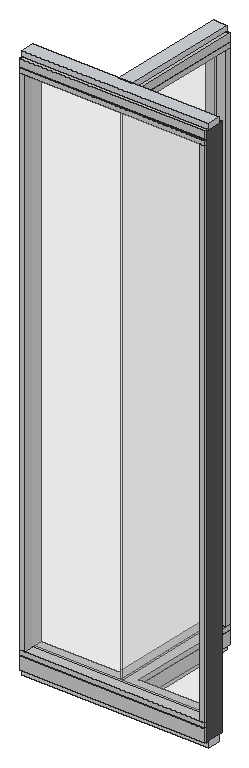
Revit family "Haworth_Enclose_Wall_Glass3way", category Furniture Systems, Revit 2018
Family settings
  Round Connector Dimension = Use Diameter
  Part Type = Normal
  OmniClass Number = 23.25.40.14
  OmniClass Title = Demountable Partitions
  Work Plane-Based = No
  Always vertical = Yes
  Cut with Voids When Loaded = No
  Shared = Yes
  Room Calculation Point = No
Parameters (values of type "36" x 108"")
  Width 2 = 24"
  Warranty = "http://www.haworth.com/resources/product-info/warranties"
  URL - Product = "http://www.haworth.com/products/architectural-interiors/moveable-walls/enclose"
  Type Comments = ""
  Sustainability Info = "http://www.haworth.com/company-info/sustainablility"
  Panel Width 2 = Actual Width 2 - Vertical Frame Width - End of Run Width - 0.2"  # 22.77"
  Model = "Haworth - Enclose"  # constant formula
  Min. Width 2 = 12"  # constant formula
  Material Options = "http://surfaces.haworth.com/haworth-surface-collection"
  Width = 36"
  Vertical Frame Width = 0.875"  # constant formula
  URL = "www.haworth.com"
  Size = "Verify Final Dim. w/ Haworth"  # constant formula
  Revision Number = "3"  # constant formula
  Panel Width 1 = Actual Width - (2 * Vertical Frame Width) - (2 * End of Run Width)  # 33.94"
  Panel Height = Actual Height - Horizontal Bottom Adjuster Width - (2 * Horizontal Frame Width) - Horizontal Top Adjuster Width  # 99.755"
  Panel Depth = 0.4"  # constant formula
  Min/Max Width = "8-60 in."  # constant formula
  Min/Max Height = "84-144 in."  # constant formula
  Horizontal Top Trim Width = 1.43"  # constant formula
  Horizontal Top Adjuster Width = Cap Height + Horizontal Top Trim Width + 0.195"  # 2.625"
  Horizontal Bottom Adjuster Width = Base Height + Horizontal Bottom Trim Width + 0.195"  # 3.87"
  Glass Offset = Horizontal Bottom Adjuster Width + Horizontal Frame Width  # 4.745"
  Min. Width = 8"  # constant formula
  Max. Width = 60"  # constant formula
  Min. Height = 84"  # constant formula
  Max. Height = 144"  # constant formula
  Manufacturer = "Haworth"  # constant formula
  Horizontal Frame Width = 0.875"  # constant formula
  Horizontal Bottom Trim Width = 2.425"  # constant formula
  Height = 108"
  Glass Finish = Haworth _ Glass _ Clear
  Frame Finish = Haworth _ Metal _ Brushed Aluminum
  End of Run Width = 0.155"  # constant formula
  Frame Depth = 4"  # constant formula
  End of Run Panel 2 Width [instance] = if(End of Run Panel 2, 1.845", 0.155")  # 0.155"
  End of Run Right Width [instance] = if(End of Run Right, 1.845", End of Run Width)  # 0.155"
  End of Run Panel 2 [instance] = no
  End of Run Right [instance] = no
  End of Run Left Width [instance] = if(End of Run Left, 1.845", End of Run Width)  # 0.155"
  End of Run Left [instance] = no
  End of Run Finish = Haworth _ Polymer _ Black
  Description = "Wall Glass 3-way"  # constant formula
  Ceiling Mount = yes
  Cap Height = 1"  # constant formula
  Base Height = 1.25"  # constant formula
  Author = "SHAPE Environments, LLC"  # constant formula
  Assembly Code = "C1010200"
  Actual Width 2 = if(Width 2 < Min. Width 2, Min. Width 2, if(Width 2 > Max. Width, Max. Width, Width 2))  # 24"
  Actual Width = if(Width < Min. Width, Min. Width, if(Width > Max. Width, Max. Width, Width))  # 36"
  Actual Height = if(Height < Min. Height, Min. Height, if(Height > Max. Height, Max. Height, Height))  # 108"
Types (7): name | Width | Panel Width 1 | Actual Width
  36" x 108" | 36" | 33.94" | 36"
  24" x 108" | 24" | 21.94" | 24"
  30" x 108" | 30" | 27.94" | 30"
  42" x 108" | 42" | 39.94" | 42"
  48" x 108" | 48" | 45.94" | 48"
  54" x 108" | 54" | 51.94" | 54"
  60" x 108" | 60" | 57.94" | 60"
Reference planes (in)
  plane 1 "Center F/B": y = -0.17786
  plane 2: z = 0
  plane 3 "Center L/R": x = -2.36364
  plane 4 "Left": x = -20.36364
  plane 5 "Right": x = 15.63636
  plane 6 "Top": z = 108
  plane 7 "Back": y = 1.82214
  plane 8 "Front": y = -2.17786
  plane 9 "Left Frame Outside": x = -20.20864
  plane 10 "Left Frame Inside": x = -19.33364
  plane 11 "Right Frame Outside": x = 15.48136
  plane 12 "Right Frame Inside": x = 14.60636
  plane 13 "End of Run Right": x = 15.63636
  plane 14 "End of Run Left": x = -20.36364
  plane 15 "Top Frame Outside": z = 105.375
  plane 16 "Top Trim Outside": z = 107
  plane 17 "Top Frame Inside": z = 104.5
  plane 18 "Bottom Frame Outside": z = 3.87
  plane 19 "Bottom Adjuster": z = 1.25
  plane 20 "Bottom Frame Inside": z = 4.745
  plane 21 "3 Way Frame Inside": y = 22.79214
  plane 22 "3 Way Frame Outside": y = 23.66714
  plane 23 "End of Run Panel 2": y = 23.82214
  plane 24: y = 23.82214
  plane 25 "3 Way Back": x = -4.36364
  plane 26 "3 Way Front": x = -0.36364
Forms (in)
  Sweep 1, solid, material "Haworth _ Polymer _ Black" <- "End of Run Finish"
    path origin (0, -0.17786, 0) x (1, 0, 0) y (0, 0, 1)
      loop
        line (-20.20864, 107) -> (-20.20864, 1.25)
    profile "Haworth_Enclose - Postcap : Left" origin (-20.20864, -0.17786, 54.125) x (1, 0, 0) y (0, -1, 0)
      loop
        line (0, 1.805) -> (-0.155, 1.805) -> (-0.155, -1.805) -> (0, -1.805) -> (0, 1.805)
  Sweep 2, solid, material "Haworth _ Polymer _ Black" <- "End of Run Finish"
    path origin (0, -0.17786, 0) x (1, 0, 0) y (0, 0, 1)
      loop
        line (15.48136, 107) -> (15.48136, 1.25)
    profile "Haworth_Enclose - Postcap : Right" origin (15.48136, -0.17786, 54.125) x (1, 0, 0) y (0, -1, 0)
      loop
        line (0, 1.805) -> (0, -1.805) -> (0.155, -1.805) -> (0.155, 1.805) -> (0, 1.805)
  Sweep 3, solid, material "Haworth _ Metal _ Brushed Aluminum" <- "Frame Finish"
    path origin (0, -0.17786, 0) x (1, 0, 0) y (0, 0, 1)
      loop
        line (-20.20864, 104.5) -> (-20.20864, 4.745)
    profile "Haworth_Enclose - Vertical_Frame : Vertical" origin (-20.20864, -0.17786, 54.6225) x (1, 0, 0) y (0, -1, 0)
      loop
        line (0, 2) -> (0, -2) -> (0.875, -2) -> (0.875, 2) -> (0, 2)
  Sweep 4, solid, material "Haworth _ Metal _ Brushed Aluminum" <- "Frame Finish"
    path origin (0, -0.17786, 0) x (1, 0, 0) y (0, 0, 1)
      loop
        line (15.48136, 104.5) -> (15.48136, 4.745)
    profile "Haworth_Enclose - Vertical_Frame : Vertical" origin (15.48136, -0.17786, 54.6225) x (1, 0, 0) y (0, -1, 0)
      loop
        line (0, 2) -> (-0.875, 2) -> (-0.875, -2) -> (0, -2) -> (0, 2)
  Sweep 5, solid, material "Haworth _ Metal _ Brushed Aluminum" <- "Frame Finish"
    path origin (0, -0.17786, 0) x (1, 0, 0) y (0, 0, 1)
      loop
        line (15.48136, 104.5) -> (-20.20864, 104.5)
    profile "Haworth_Enclose - Horizontal_Frame : Horizontal" origin (-2.36364, -0.17786, 104.5) x (0, 0, -1) y (0, -1, 0)
      loop
        line (0, 2) -> (-0.875, 2) -> (-0.875, -2) -> (0, -2) -> (0, 2)
  Sweep 6, solid, material "Haworth _ Metal _ Brushed Aluminum" <- "Frame Finish"
    path origin (0, -0.17786, 0) x (1, 0, 0) y (0, 0, 1)
      loop
        line (-20.20864, 107) -> (15.48136, 107)
    profile "Haworth_Enclose - Horizontal_Trim : Top" origin (-2.36364, -0.17786, 107) x (0, 0, 1) y (0, -1, 0)
      loop
        line (0, 2) -> (-1.43, 2) -> (-1.43, 1.805) -> (-1.625, 1.805) -> (-1.625, -1.805) -> (-1.43, -1.805) -> (-1.43, -2) -> (0, -2) -> (0, 2)
  Sweep 7, solid, visible <- "Ceiling Mount"
    path origin (0, -0.17786, 0) x (1, 0, 0) y (0, 0, 1)
      loop
        line (-20.36364, 108) -> (15.63636, 108)
    profile "Haworth_Enclose - Horizontal_Track : Ceiling" origin (-2.36364, -0.17786, 108) x (0, 0, 1) y (0, -1, 0)
      loop
        line (0, 1.28) -> (-1, 1.28) -> (-1, -1.28) -> (0, -1.28) -> (0, 1.28)
  Sweep 8, solid
    path origin (0, -0.17786, 0) x (1, 0, 0) y (0, 0, 1)
      loop
        line (15.63636, 0) -> (-20.36364, 0)
    profile "Haworth_Enclose - Horizontal_Track : Base" origin (-2.36364, -0.17786, 0) x (0, 0, -1) y (0, -1, 0)
      loop
        line (0, 1.28) -> (-1.25, 1.28) -> (-1.25, -1.28) -> (0, -1.28) -> (0, 1.28)
  Sweep 9, solid, material "Haworth _ Metal _ Brushed Aluminum" <- "Frame Finish"
    path origin (0, -0.17786, 0) x (1, 0, 0) y (0, 0, 1)
      loop
        line (-20.20864, 4.745) -> (15.48136, 4.745)
    profile "Haworth_Enclose - Horizontal_Frame : Horizontal" origin (-2.36364, -0.17786, 4.745) x (0, 0, 1) y (0, -1, 0)
      loop
        line (0, 2) -> (-0.875, 2) -> (-0.875, -2) -> (0, -2) -> (0, 2)
  Sweep 10, solid, material "Haworth _ Metal _ Brushed Aluminum" <- "Frame Finish"
    path origin (0, -0.17786, 0) x (1, 0, 0) y (0, 0, 1)
      loop
        line (15.48136, 1.25) -> (-20.20864, 1.25)
    profile "Haworth_Enclose - Horizontal_Trim : Bottom" origin (-2.36364, -0.17786, 1.25) x (0, 0, -1) y (0, -1, 0)
      loop
        line (0, 2) -> (-2.425, 2) -> (-2.425, 1.805) -> (-2.62, 1.805) -> (-2.62, -1.805) -> (-2.425, -1.805) -> (-2.425, -2) -> (0, -2) -> (0, 2)
  Sweep 11, solid, visible <- "Ceiling Mount"
    path origin (-2.36364, 0, 0) x (0, 1, 0) y (0, 0, 1)
      loop
        line (1.10214, 108) -> (23.82214, 108)
    profile "Haworth_Enclose - Horizontal_Track : Ceiling" origin (-2.36364, 12.46214, 108) x (0, 0, 1) y (1, 0, 0)
      loop
        line (0, 1.28) -> (-1, 1.28) -> (-1, -1.28) -> (0, -1.28) -> (0, 1.28)
  Sweep 12, solid, material "Haworth _ Metal _ Brushed Aluminum" <- "Frame Finish"
    path origin (-2.36364, 0, 0) x (0, 1, 0) y (0, 0, 1)
      loop
        line (23.66714, 104.5) -> (1.82214, 104.5)
    profile "Haworth_Enclose - Horizontal_Frame : Horizontal" origin (-2.36364, 12.74464, 104.5) x (0, 0, -1) y (1, 0, 0)
      loop
        line (0, 2) -> (-0.875, 2) -> (-0.875, -2) -> (0, -2) -> (0, 2)
  Sweep 13, solid, material "Haworth _ Metal _ Brushed Aluminum" <- "Frame Finish"
    path origin (-2.36364, 0, 0) x (0, 1, 0) y (0, 0, 1)
      loop
        line (1.82214, 107) -> (23.66714, 107)
    profile "Haworth_Enclose - Horizontal_Trim : Top" origin (-2.36364, 12.74464, 107) x (0, 0, 1) y (1, 0, 0)
      loop
        line (0, 2) -> (-1.43, 2) -> (-1.43, 1.805) -> (-1.625, 1.805) -> (-1.625, -1.805) -> (-1.43, -1.805) -> (-1.43, -2) -> (0, -2) -> (0, 2)
  Sweep 14, solid, material "Haworth _ Polymer _ Black" <- "End of Run Finish"
    path origin (-2.36364, 0, 0) x (0, 1, 0) y (0, 0, 1)
      loop
        line (23.66714, 1.25) -> (23.66714, 107)
    profile "Haworth_Enclose - Postcap : Panel 2" origin (-2.36364, 23.66714, 54.125) x (0, -1, 0) y (1, 0, 0)
      loop
        line (0, 1.805) -> (-0.155, 1.805) -> (-0.155, -1.805) -> (0, -1.805) -> (0, 1.805)
  Sweep 15, solid, material "Haworth _ Metal _ Brushed Aluminum" <- "Frame Finish"
    path origin (-2.36364, 0, 0) x (0, 1, 0) y (0, 0, 1)
      loop
        line (22.79214, 104.5) -> (22.79214, 4.745)
    profile "Haworth_Enclose - Vertical_Frame : Vertical" origin (-2.36364, 22.79214, 54.6225) x (0, 1, 0) y (1, 0, 0)
      loop
        line (0, 2) -> (0, -2) -> (0.875, -2) -> (0.875, 2) -> (0, 2)
  Sweep 16, solid
    path origin (-2.36364, 0, 135.43338) x (0, 1, 0) y (0, 0, -1)
      loop
        line (1.10214, 135.43338) -> (23.82214, 135.43338)
    profile "Haworth_Enclose - Horizontal_Track : Base" origin (-2.36364, 12.46214, 0) x (0, 0, 1) y (1, 0, 0)
      loop
        line (0, 1.28) -> (0, -1.28) -> (1.25, -1.28) -> (1.25, 1.28) -> (0, 1.28)
  Sweep 17, solid, material "Haworth _ Metal _ Brushed Aluminum" <- "Frame Finish"
    path origin (-2.36364, 0, 135.43338) x (0, 1, 0) y (0, 0, -1)
      loop
        line (23.66714, 130.68838) -> (1.82214, 130.68838)
    profile "Haworth_Enclose - Horizontal_Frame : Horizontal" origin (-2.36364, 12.74464, 4.745) x (0, 0, -1) y (1, 0, 0)
      loop
        line (0, 2) -> (0, -2) -> (0.875, -2) -> (0.875, 2) -> (0, 2)
  Sweep 18, solid, material "Haworth _ Metal _ Brushed Aluminum" <- "Frame Finish"
    path origin (-2.36364, 0, 135.43338) x (0, 1, 0) y (0, 0, -1)
      loop
        line (1.82214, 134.18338) -> (23.66714, 134.18338)
    profile "Haworth_Enclose - Horizontal_Trim : Bottom" origin (-2.36364, 12.74464, 1.25) x (0, 0, 1) y (1, 0, 0)
      loop
        line (0, 2) -> (0, -2) -> (2.425, -2) -> (2.425, -1.805) -> (2.62, -1.805) -> (2.62, 1.805) -> (2.425, 1.805) -> (2.425, 2) -> (0, 2)
Cuts and joins
  joined: Sweep 9, Sweep 17
  joined: Sweep 10, Sweep 18
  joined: Sweep 6, Sweep 13
  joined: Sweep 5, Sweep 12
Lines and regions (in)
  Masking region 1
    outline origin (0, 0, 0) x (1, 0, 0) y (0, 1, 0)
      loop
        line (-20.36364, 1.82214) -> (-20.36364, -2.17786) -> (15.63636, -2.17786) -> (15.63636, 1.82214) -> (-0.36364, 1.82214) -> (-0.36364, 23.82214) -> (-4.36364, 23.82214) -> (-4.36364, 1.82214) -> (-20.36364, 1.82214)
  symbolic lines, style "Haworth", detail levels medium+fine
    curve 1: line (14.60636, 1.82214, 0) -> (14.60636, -2.17786, 0)
    curve 2: line (14.60636, -0.37786, 0) -> (-19.33364, -0.37786, 0)
    curve 3: line (14.60636, 0.02214, 0) -> (-2.16364, 0.02214, 0)
    curve 4: line (-19.33364, -2.17786, 0) -> (-19.33364, 1.82214, 0)
    curve 5: line (-4.36364, 22.79214, 0) -> (-0.36364, 22.79214, 0)
    curve 6: line (-2.56364, 22.79214, 0) -> (-2.56364, 0.02214, 0)
    curve 7: line (-2.16364, 0.02214, 0) -> (-2.16364, 22.79214, 0)
    curve 8: line (-2.56364, 0.02214, 0) -> (-19.33364, 0.02214, 0)
    curve 9: line (-4.36364, 1.82214, 0) -> (-2.56364, 0.02214, 0)
    curve 10: line (-2.16364, 0.02214, 0) -> (-0.36364, 1.82214, 0)
Dimensions and locks (in)
  equal spacing: plane 4 "Left", plane 3 "Center L/R", plane 5 "Right"
  "Actual Width": plane 4 "Left" to plane 5 "Right"
  "End of Run Width": plane 4 "Left" to plane 9 "Left Frame Outside"
  "Vertical Frame Width": plane 9 "Left Frame Outside" to plane 10 "Left Frame Inside"
  "End of Run Width": plane 11 "Right Frame Outside" to plane 5 "Right"
  "End of Run Right Width": plane 11 "Right Frame Outside" to plane 13 "End of Run Right"
  "End of Run Left Width": plane 14 "End of Run Left" to plane 9 "Left Frame Outside"
  "Vertical Frame Width": plane 12 "Right Frame Inside" to plane 11 "Right Frame Outside"
  equal spacing: plane 7 "Back", plane 1 "Center F/B", plane 8 "Front"
  "Frame Depth": plane 7 "Back" to plane 8 "Front"
  "Actual Height": plane 6 "Top" to level
  "Cap Height": plane 6 "Top" to plane 16 "Top Trim Outside"
  "Horizontal Frame Width": plane 15 "Top Frame Outside" to plane 17 "Top Frame Inside"
  "Base Height": plane 19 "Bottom Adjuster" to level
  "Horizontal Frame Width": plane 20 "Bottom Frame Inside" to plane 18 "Bottom Frame Outside"
  "Horizontal Bottom Adjuster Width": plane 18 "Bottom Frame Outside" to plane 2
  "Horizontal Top Adjuster Width": plane 6 "Top" to plane 15 "Top Frame Outside"
  "Vertical Frame Width": plane 22 "3 Way Frame Outside" to plane 21 "3 Way Frame Inside"
  "End of Run Width": plane 24 to plane 22 "3 Way Frame Outside"
  "End of Run Panel 2 Width": plane 23 "End of Run Panel 2" to plane 22 "3 Way Frame Outside"
  equal spacing: plane 25 "3 Way Back", plane 3 "Center L/R", plane 26 "3 Way Front"
  "Frame Depth": plane 25 "3 Way Back" to plane 26 "3 Way Front"
  "Actual Width 2": plane 1 "Center F/B" to plane 24
  aligned and locked: Sweep 1 sketch curve to plane 9 "Left Frame Outside"
  aligned and locked: Sweep 2 sketch curve to plane 11 "Right Frame Outside"
  aligned and locked: Sweep 3 sketch curve to plane 9 "Left Frame Outside"
  aligned and locked: plane 20 "Bottom Frame Inside" to Sweep 3 sketch curve
  aligned and locked: plane 17 "Top Frame Inside" to Sweep 3 sketch curve
  aligned and locked: Sweep 4 sketch curve to plane 11 "Right Frame Outside"
  aligned and locked: plane 20 "Bottom Frame Inside" to Sweep 4 sketch curve
  aligned and locked: plane 17 "Top Frame Inside" to Sweep 4 sketch curve
  aligned and locked: plane 3 "Center L/R" to nested 1
  aligned and locked: plane 1 "Center F/B" to nested 1
  aligned and locked: nested 1 to plane 20 "Bottom Frame Inside"
  aligned and locked: curve 1 to Sweep 4
  aligned and locked: nested 1 to curve 2
  aligned and locked: nested 1 to curve 3
  aligned and locked: curve 4 to Sweep 3
  aligned and locked: plane 17 "Top Frame Inside" to Sweep 5 sketch curve
  aligned and locked: plane 9 "Left Frame Outside" to Sweep 5 sketch curve
  aligned and locked: plane 11 "Right Frame Outside" to Sweep 5 sketch curve
  aligned and locked: Sweep 6 sketch curve to plane 16 "Top Trim Outside"
  aligned and locked: plane 11 "Right Frame Outside" to Sweep 6 sketch curve
  aligned and locked: plane 9 "Left Frame Outside" to Sweep 6 sketch curve
  aligned and locked: plane 13 "End of Run Right" to Sweep 7 sketch curve
  aligned and locked: plane 14 "End of Run Left" to Sweep 7 sketch curve
  aligned and locked: plane 14 "End of Run Left" to Sweep 8 sketch curve
  aligned and locked: plane 13 "End of Run Right" to Sweep 8 sketch curve
  aligned and locked: Sweep 9 sketch curve to plane 20 "Bottom Frame Inside"
  aligned and locked: plane 11 "Right Frame Outside" to Sweep 9 sketch curve
  aligned and locked: plane 9 "Left Frame Outside" to Sweep 9 sketch curve
  aligned and locked: plane 19 "Bottom Adjuster" to Sweep 10 sketch curve
  aligned and locked: plane 9 "Left Frame Outside" to Sweep 10 sketch curve
  aligned and locked: plane 11 "Right Frame Outside" to Sweep 10 sketch curve
  aligned and locked: plane 2 to Sweep 8 sketch curve
  aligned and locked: Sweep 7 sketch curve to plane 6 "Top"
  aligned and locked: Masking region 1 sketch curve to plane 7 "Back"
  aligned and locked: plane 8 "Front" to Masking region 1 sketch curve
  aligned and locked: plane 19 "Bottom Adjuster" to Sweep 1 sketch curve
  aligned and locked: plane 16 "Top Trim Outside" to Sweep 1 sketch curve
  aligned and locked: plane 16 "Top Trim Outside" to Sweep 2 sketch curve
  aligned and locked: plane 19 "Bottom Adjuster" to Sweep 2 sketch curve
  aligned and locked: Sweep 11 sketch curve to plane 6 "Top"
  aligned and locked: plane 17 "Top Frame Inside" to Sweep 12 sketch curve
  aligned and locked: plane 22 "3 Way Frame Outside" to Sweep 12 sketch curve
  aligned and locked: plane 7 "Back" to Sweep 12 sketch curve
  aligned and locked: Sweep 13 sketch curve to plane 16 "Top Trim Outside"
  aligned and locked: plane 22 "3 Way Frame Outside" to Sweep 13 sketch curve
  aligned and locked: plane 7 "Back" to Sweep 13 sketch curve
  aligned and locked: plane 22 "3 Way Frame Outside" to Sweep 14 sketch curve
  aligned and locked: plane 16 "Top Trim Outside" to Sweep 14 sketch curve
  aligned and locked: plane 19 "Bottom Adjuster" to Sweep 14 sketch curve
  aligned and locked: Sweep 15 sketch curve to plane 21 "3 Way Frame Inside"
  aligned and locked: plane 20 "Bottom Frame Inside" to Sweep 15 sketch curve
  aligned and locked: plane 17 "Top Frame Inside" to Sweep 15 sketch curve
  aligned and locked: Sweep 16 sketch curve to plane 2
  aligned and locked: Sweep 18 sketch curve to plane 19 "Bottom Adjuster"
  aligned and locked: plane 22 "3 Way Frame Outside" to Sweep 18 sketch curve
  aligned and locked: plane 7 "Back" to Sweep 18 sketch curve
  aligned and locked: plane 20 "Bottom Frame Inside" to Sweep 17 sketch curve
  aligned and locked: plane 22 "3 Way Frame Outside" to Sweep 17 sketch curve
  aligned and locked: plane 7 "Back" to Sweep 17 sketch curve
  aligned and locked: nested 2 to plane 3 "Center L/R"
  aligned: plane 1 "Center F/B" to nested 2
  aligned and locked: nested 2 to plane 21 "3 Way Frame Inside"
  aligned and locked: curve 6 to nested 2
  aligned and locked: nested 2 to curve 7
  aligned and locked: plane 25 "3 Way Back" to Masking region 1 sketch curve
  aligned and locked: Masking region 1 sketch curve to plane 26 "3 Way Front"
  aligned and locked: Masking region 1 sketch curve to plane 23 "End of Run Panel 2"
  aligned and locked: Sweep 7 to Sweep 11 sketch curve
  aligned and locked: Masking region 1 to plane 14 "End of Run Left"
  aligned and locked: plane 13 "End of Run Right" to Masking region 1
  aligned and locked: Sweep 16 sketch curve to Sweep 8
  aligned and locked: nested 1 to curve 8
  aligned and locked: plane 23 "End of Run Panel 2" to Sweep 11 sketch curve
  aligned and locked: plane 23 "End of Run Panel 2" to Sweep 16 sketch curve
Automatic sketch dimensions
  Masking region 1 sketch curve to plane 4 "Left" = 0"
  plane 5 "Right" to Masking region 1 sketch curve = 0"
  Masking region 1 sketch curve to plane 7 "Back" = 0"
  curve 9 to plane 7 "Back" = 0"
  curve 9 to plane 25 "3 Way Back" = 0"
  curve 5 to plane 21 "3 Way Frame Inside" = 0"
  curve 5 to plane 25 "3 Way Back" = 0"
  curve 5 to plane 26 "3 Way Front" = 0"
  curve 10 to plane 7 "Back" = 0"
  curve 10 to plane 26 "3 Way Front" = 0"
  curve 1 to plane 8 "Front" = 0"
  curve 4 to plane 8 "Front" = 0"
  curve 4 to plane 7 "Back" = 0"
  curve 1 to plane 7 "Back" = 0"
Nested families (in)
  nested 1: "Haworth_Enclose - Panel_Glass" at (-3.54385, -0.14763, 4.745), type "Glass"
    with Panel Width 33.94", Panel Height 99.755", Panel Depth 0.4"
  nested 2: "Haworth_Enclose - Panel_Glass" at (-2.33341, 12.58734, 4.75) x (0, -1, 0) z (0, 0, 1), type "Glass 2"
    with Panel Width 22.77", Panel Height 99.755", Panel Depth 0.4"
Definition of nested family "Haworth_Enclose - Panel_Glass"
  Parameters
    Panel Width = 36"
    Panel Height = 108"
    Panel Finish = none
    Panel Depth = 0.5"
  Reference planes (in)
    plane 1 "Center F/B": y = -0.03024
    plane 2: z = 0
    plane 3 "Center L/R": x = 1.1802
    plane 4 "Left": x = -16.8198
    plane 5 "Right": x = 19.1802
    plane 6 "Back": y = 0.21976
    plane 7 "Front": y = -0.28024
    plane 8 "Top": z = 108
  Forms (in)
    Extrusion 1, solid, material <- "Panel Finish"
      sketch origin (0, -0.03024, 0) x (1, 0, 0) y (0, 0, 1)
        loop
          line (-16.8198, 108) -> (-16.8198, 0) -> (19.1802, 0) -> (19.1802, 108) -> (-16.8198, 108)
      from -0.25 to 0.25
  Dimensions and locks (in)
    "Panel Height": plane 8 "Top" to level
    equal spacing: plane 6 "Back", plane 1 "Center F/B", plane 7 "Front"
    "Panel Depth": plane 6 "Back" to plane 7 "Front"
    equal spacing: plane 4 "Left", plane 3 "Center L/R", plane 5 "Right"
    "Panel Width": plane 4 "Left" to plane 5 "Right"
    aligned and locked: plane 4 "Left" to Extrusion 1 sketch curve
    aligned and locked: Extrusion 1 sketch curve to plane 8 "Top"
    aligned and locked: level to Extrusion 1 sketch curve
    aligned and locked: Extrusion 1 sketch curve to plane 5 "Right"
    aligned and locked: plane 6 "Back" to Extrusion 1
    aligned and locked: Extrusion 1 to plane 7 "Front"
